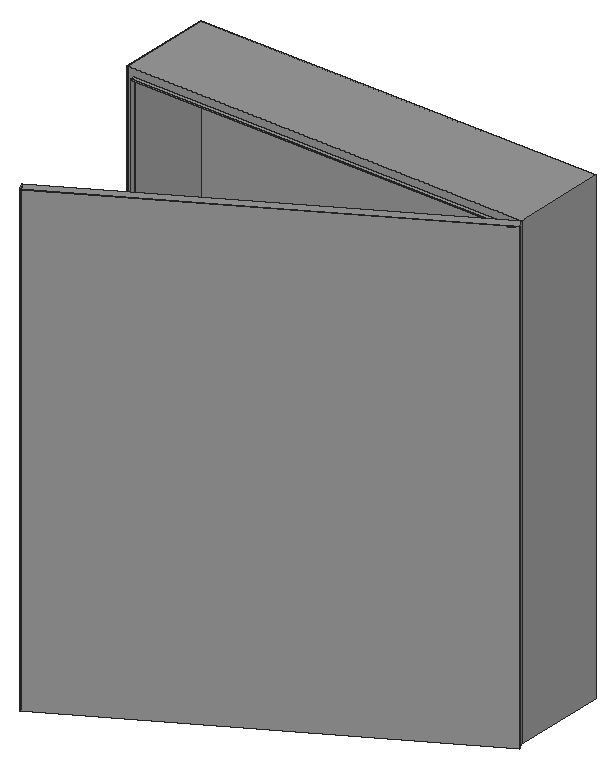
Revit family "Hager-Univers-IP44-D205-H950-Cl.II-Encl-NoHosted-SE-en", category Equipement électrique, Revit 2020
Family settings
  Configuration du panneau = Deux colonnes, circuits au sein
  Cote de connecteur circulaire = Utiliser le diamètre
  Type d'élément = Tableau de raccordement
  Basée sur le plan de construction = Oui
  Toujours verticalement = Oui
  Couper avec des vides une fois chargée = Non
  Partagée = Non
  Point de calcul de pièce = Non
Parameters (values of type "Surface mounted (plaster) IP44 W800 H950 D205  - FP63SN2")
  Width Control [instance] = if([EF000008 - Width] > Min Width, [EF000008 - Width], Min Width)  # 800 mm
  Commentaires du type = [HG000003 - Range]  # "Univers"
  Thickness Door [instance] = if([EF009171 - Material plate thickness door/cover] > 3 mm, 3 mm, [EF009171 - Material plate thickness door/cover])  # 1 mm
  Seal Frame Offset [instance] = 17 mm  # constant formula
  Plinth Visibility [instance] = [HG000027 - Plinth height] > 0 mm  # no
  Min Width [instance] = 100 mm  # constant formula
  Min Depth [instance] = (2 * [EF009170 - Material plate thickness cabinet]) + 1 mm  # 3 mm
  Min Height [instance] = 100 mm  # constant formula
  Internal Frame Depth [instance] = (Door System Depth * 0.5)  # 9 mm
  Panel Name [instance] = ""  # (empty or 0)
  Model = ""
  HG000027 - Plinth height = 0 mm
  HG000026 - Floor standing = no
  HG000024 - Bottom section height = 600 mm
  HG000023 - Double section enclosure = no
  HG000016 - Door 3d visibility [instance] = yes
  HG000015 - Clearance visibility [instance] = no
  HG000014 - Door on the right [instance] = yes
  HG000013 - Door on the left [instance] = not([HG000014 - Door on the right])  # no
  HG000012 - Door swing angle [instance] = 30.00°
  HG000010 - Asymmetric doors = no
  HG000009 - Double swing door = no
  HG000006 - Flush mounted = no
  HG000004 - Manufacturer reference = "FP63SN2"
  HG000003 - Range = "Univers"
  HG000002 - With door or cover = yes
  Frame Offset Bottom [instance] = 10 mm  # constant formula
  Frame Offset [instance] = 15 mm  # constant formula
  EF015940 - Cover with overpressure release = no
  EF011959 - Degree of protection (NEMA) = ""
  EF009554 - Number of openings for flange plates = 6
  EF009212 - Cover model = "EV000116 - Closed"
  EF009171 - Material plate thickness door/cover = 1 mm
  EF009170 - Material plate thickness cabinet = 1 mm
  EF008873 - Nominal current (In) = 250 A
  EF007800 - Suitable for lightning protection = no
  EF006306 - With lock = no
  EF006244 - Transparent cover/door = no
  EF005474 - Degree of protection (IP) = "EV006418 - IP44"
  EF004464 - Type of door = "EV002646 - Single"
  EF004427 - Number of modules = 216
  EF004293 - Impact strength = "EV006815 - IK09"
  EF003532 - Suitable for outdoor use = no
  EF002950 - Width in number of modular spacings = 36
  EF001613 - Circuit integrity = "EV000494 - None"
  EF001596 - Material housing = "EV000179 - Steel"
  EF001131 - Internal depth = 130 mm
  EF001088 - Extension possible = yes
  EF000437 - Number of conduit inlets = 6
  EF000339 - Type of cover = "EV004216 - Door"
  EF000266 - Number of rows = 6
  EF000218 - Built-in depth = 205 mm
  EF000118 - With mounting plate = no
  EF000116 - RAL-number = "9010"
  EF000049 - Depth = 205 mm
  EF000040 - Height = 950 mm
  EF000008 - Width = 800 mm
  EF000007 - Colour = "EV000202 - White"
  EF000003 - Mounting method = "EV000384 - Surface mounted (plaster)"
  Door System Leaf Tolerance [instance] = 1.5 mm  # constant formula
  Door System Depth [instance] = 18 mm  # constant formula
  Door Height [instance] = Height Control - [HG000027 - Plinth height]  # 950 mm
  Description = ""
  Default Elevation = 1219.2 mm
  Connector Offset [instance] = Height Control / 2  # 475 mm
  Fabricant = "Hager"  # constant formula
  Height Control [instance] = if([EF000040 - Height] > Min Height, [EF000040 - Height], Min Height)  # 950 mm
  Depth Control [instance] = if([EF000049 - Depth] > Min Depth, [EF000049 - Depth], Min Depth)  # 205 mm
  Bottom Top Plate Trim [instance] = 1.5 mm  # constant formula
  Plinth height Ctrl [instance] = if([HG000027 - Plinth height] > 0 mm, [HG000027 - Plinth height], 12 mm)  # 12 mm
Types (5, lengths in mm): name | Width Control | HG000010 - Asymmetric doors | HG000009 - Double swing door | HG000004 - Manufacturer reference | EF009554 - Number of openings for flange plates | EF004464 - Type of door | EF004427 - Number of modules | EF002950 - Width in number of modular spacings | EF001131 - Internal depth | EF000437 - Number of conduit inlets | EF000339 - Type of cover | EF000008 - Width
  Surface mounted (plaster) IP44 W1050 H950 D205  - FP64SN2 | 1050 | no | yes | "FP64SN2" | 8 | "EV003602 - Double" | 288 | 48 | 130 | 8 | "EV004216 - Door" | 1050
  Surface mounted (plaster) IP44 W1300 H950 D205  - FP65SN2 | 1300 | yes | yes | "FP65SN2" | 10 | "EV003602 - Double" | 360 | 60 | 130 | 10 | "EV004216 - Door" | 1300
  Surface mounted (plaster) IP44 W300 H950 D205  - FP61SN2 | 300 | no | no | "FP61SN2" | 2 | "EV002646 - Single" | 72 | 12 | 143 | 2 | "EV001012 - Cover" | 300
  Surface mounted (plaster) IP44 W550 H950 D205  - FP62SN2 | 550 | no | no | "FP62SN2" | 4 | "EV002646 - Single" | 144 | 24 | 143 | 4 | "EV001012 - Cover" | 550
  Surface mounted (plaster) IP44 W800 H950 D205  - FP63SN2 | 800 | no | no | "FP63SN2" | 6 | "EV002646 - Single" | 216 | 36 | 130 | 6 | "EV004216 - Door" | 800
Reference planes
  plane 1 "Center (Front/Back)": y = 0
  plane 2: z = 0
  plane 3 "Center (Left/Right)": x = 0
  plane 4: y = 0
  plane 5: y = 0
  plane 6: z = 0
  plane 7: x = -400
  plane 8: x = 400
  plane 9: x = 399
  plane 10: x = -399
  plane 11: z = 0
  plane 12: z = 1
  plane 13: y = -205
  plane 14: y = -1
  plane 15: x = 0
  plane 16: y = -187
  plane 17: y = -204
  plane 18: y = -186
  plane 19: x = -384
  plane 20: x = 384
  plane 21: z = 11
  plane 22: x = -383
  plane 23: x = 383
  plane 24: z = 0
  plane 25: z = 950
  plane 26: z = 950
  plane 27: z = 934
  plane 28: z = 949
Forms (mm)
  Extrusion 1, solid, material "Hager_Steel_RAL7035_Light_Grey", detail levels medium+fine
    sketch origin (-208.679, -4572, 0) x (-1, 0, 0) y (0, -1, 0)
      loop
        line (191.321, -4385) -> (-608.679, -4385) -> (-608.679, -4572) -> (191.321, -4572) -> (191.321, -4385)
    from 0 to 950
  Extrusion 2, void
    sketch origin (-350.771, -205, 1219.2) x (1, 0, 0) y (0, 0, 1)
      loop
        line (-48.229, -270.2) -> (-48.229, -1218.2) -> (749.771, -1218.2) -> (749.771, -270.2) -> (-48.229, -270.2)
    from -19 to -204
  Extrusion 3, void
    sketch origin (-290.084, -187, 1219.2) x (1, 0, 0) y (0, 0, 1)
      loop
        line (-93.916, -1208.2) -> (674.084, -1208.2) -> (674.084, -285.2) -> (-93.916, -285.2) -> (-93.916, -1208.2)
    from 0 to -1
  Extrusion 4, solid, material "Hager_Steel_RAL7035_Light_Grey", visible <- "Plinth Visibility", detail levels medium+fine
    sketch origin (0, 0, 0) x (1, 0, 0) y (0, 1, 0)
      loop
        line (-400, 0) -> (-400, -187) -> (400, -187) -> (400, 0) -> (-400, 0)
    from 0 to 12 <- "Plinth height Ctrl"
  Extrusion 5, solid, material "Hager_Steel_RAL7035_Light_Grey", detail levels coarse
    sketch origin (0, 0, 0) x (1, 0, 0) y (0, 1, 0)
      loop
        line (-400, 0) -> (-400, -205) -> (400, -205) -> (400, 0) -> (-400, 0)
    from 0 to 950 <- "Height Control"
  Sweep 6, void
    path in 3D
      loop
        line (-400, -187, 12) -> (400, -187, 12) -> (400, 0, 12) -> (-400, 0, 12) -> (-400, -187, 12)
    profile origin (-400, -93.5, 12) x (1, 0, 0) y (0, 0, 1)
      loop
        line (0, 0) -> (0, -1.5) -> (1.5, -1.5)
        arc (1.5, -1.5) -> (1.061, -0.439) -> (0, 0) r 1.5
  Extrusion 7, solid, material "Hager_Steel_RAL7035_Light_Grey", detail levels fine
    sketch origin (-400, -187, 0) x (1, 0, 0) y (0, 0, 1)
      loop
        line (16, 11) -> (784, 11) -> (784, 934) -> (16, 934) -> (16, 11)
      loop
        line (15, 10) -> (785, 10) -> (785, 935) -> (15, 935) -> (15, 10)
    from 0 to 9 <- "Internal Frame Depth"
Cuts and joins
  Extrusion 2, Extrusion 3 cuts Extrusion 1
  Sweep 6 cuts Extrusion 4
Lines and regions (mm)
  Masking region 1
    outline origin (0, 0, 0) x (1, 0, 0) y (0, 1, 0)
      loop
        line (-400, 0) -> (-400, -205) -> (400, -205) -> (400, 0) -> (-400, 0)
  Masking region 2, detail levels coarse
    outline origin (-290.084, -187, 1219.2) x (-1, 0, 0) y (0, 0, 1)
      loop
        line (-690.084, -1219.2) -> (109.916, -1219.2) -> (109.916, -269.2) -> (-690.084, -269.2) -> (-690.084, -1219.2)
  Masking region 3, detail levels coarse
    outline origin (0, 0, 0) x (0, 1, 0) y (0, 0, 1)
      loop
        line (0, 0) -> (0, 950) -> (-205, 950) -> (-205, 0) -> (0, 0)
  Masking region 4, visible <- "Plinth Visibility", detail levels medium+fine
    outline origin (0, 0, 0) x (0, 1, 0) y (0, 0, 1)
      loop
        line (-1.5, 12) -> (-185.5, 12)
        arc (-185.5, 12) -> (-185.939, 10.939) -> (-187, 10.5) r 1.5
        line (-187, 10.5) -> (-187, 0) -> (0, 0) -> (0, 10.5)
        arc (0, 10.5) -> (-1.061, 10.939) -> (-1.5, 12) r 1.5
  Masking region 5, detail levels medium+fine
    outline origin (0, 0, 594.038) x (0, 1, 0) y (0, 0, 1)
      loop
        line (0, -594.038) -> (0, 355.962) -> (-187, 355.962) -> (-187, -594.038) -> (0, -594.038)
  Masking region 6, detail levels medium+fine
    outline origin (-359.7, -187, 1211.883) x (-1, 0, 0) y (0, 0, 1)
      loop
        line (-759.7, -1211.883) -> (40.3, -1211.883) -> (40.3, -261.883) -> (-759.7, -261.883) -> (-759.7, -1211.883)
  Masking region 7, visible <- "Plinth Visibility", detail levels medium+fine
    outline origin (-320.334, -187, 1041.368) x (-1, 0, 0) y (0, 0, 1)
      loop
        line (-720.334, -1041.368) -> (79.666, -1041.368) -> (79.666, -1030.868)
        arc (79.666, -1030.868) -> (78.606, -1030.429) -> (78.166, -1029.368) r 1.5
        line (78.166, -1029.368) -> (-718.834, -1029.368)
        arc (-718.834, -1029.368) -> (-719.273, -1030.429) -> (-720.334, -1030.868) r 1.5
        line (-720.334, -1030.868) -> (-720.334, -1041.368)
  sketch lines
    curve 1: line (-400, 0, 12) -> (-400, -187, 12)
    curve 2: line (-400, -187, 12) -> (400, -187, 12)
    curve 3: line (400, 0, 12) -> (-400, 0, 12)
    curve 4: line (400, -187, 12) -> (400, 0, 12)
Dimensions and locks
  locked: plane 1 "Center (Front/Back)" to plane 5
  "EF009170 - Material plate thickness cabinet": plane 7 to plane 10
  "EF009170 - Material plate thickness cabinet": plane 8 to plane 9
  equal spacing: plane 7, plane 3 "Center (Left/Right)", plane 8
  "Width Control": plane 7 to plane 8
  "Depth Control": plane 4 to plane 13
  "EF009170 - Material plate thickness cabinet": plane 4 to plane 14
  "Height Control": plane 25 to level
  "HG000027 - Plinth height": plane 11 to level
  "EF009170 - Material plate thickness cabinet": plane 12 to plane 11
  "EF009170 - Material plate thickness cabinet": plane 17 to plane 13
  "EF009170 - Material plate thickness cabinet": plane 18 to plane 16
  "Frame Offset Bottom": plane 21 to plane 12
  "Frame Offset": plane 10 to plane 19
  "Frame Offset": plane 9 to plane 20
  "Door System Depth": plane 16 to plane 13
  "Seal Frame Offset": plane 7 to plane 22
  "Seal Frame Offset": plane 8 to plane 23
  "EF009170 - Material plate thickness cabinet": plane 26 to plane 28
  "Frame Offset": plane 28 to plane 27
  "Connector Offset": plane 2 to connector elem
  "Bottom Top Plate Trim": profile plane to Sweep 6 sketch curve
  "Bottom Top Plate Trim": Sweep 6 sketch curve to Sweep 6 sketch curve
  "Plinth height Ctrl": Masking region 4 sketch curve to level
  "Plinth height Ctrl": Masking region 7 sketch curve to level
  "Thickness Door": Extrusion 7 sketch curve to Extrusion 7 sketch curve  (x4)
  "Bottom Top Plate Trim": radius of Sweep 6 sketch curve
  "Bottom Top Plate Trim": radius of Masking region 4 sketch curve  (x2)
  "Bottom Top Plate Trim": radius of Masking region 7 sketch curve  (x2)
  aligned and locked: Extrusion 2 sketch curve to plane 12
  aligned and locked: Extrusion 2 sketch curve to plane 9
  aligned and locked: Extrusion 2 sketch curve to plane 10
  aligned and locked: Extrusion 2 to plane 14
  aligned and locked: Extrusion 1 sketch curve to plane 4
  aligned and locked: plane 8 to Extrusion 1 sketch curve
  aligned and locked: plane 7 to Extrusion 1 sketch curve
  aligned and locked: Extrusion 2 to plane 18
  aligned and locked: Extrusion 3 sketch curve to plane 19
  aligned and locked: plane 20 to Extrusion 3 sketch curve
  aligned and locked: Extrusion 3 to Extrusion 2
  aligned and locked: Extrusion 3 sketch curve to plane 21
  aligned and locked: plane 3 "Center (Left/Right)" to nested 1
  aligned and locked: Extrusion 1 sketch curve to plane 16
  aligned and locked: Extrusion 4 sketch curve to cut or joined group of Extrusion 1, Extrusion 2, Extrusion 3
  aligned and locked: Masking region 1 sketch curve to plane 7
  aligned and locked: Masking region 1 sketch curve to plane 5
  aligned and locked: Masking region 1 sketch curve to plane 8
  aligned and locked: Masking region 2 sketch curve to level
  aligned and locked: level to Masking region 3 sketch curve
  aligned and locked: plane 1 "Center (Front/Back)" to Masking region 3 sketch curve
  aligned and locked: plane 13 to Masking region 3 sketch curve
  aligned and locked: plane 5 to Masking region 4 sketch curve
  aligned and locked: Masking region 2 sketch curve to plane 8
  aligned and locked: Masking region 2 sketch curve to plane 7
  aligned and locked: plane 7 to nested 2
  aligned and locked: nested 2 to plane 5
  aligned and locked: plane 5 to Masking region 5 sketch curve
  aligned and locked: plane 26 to Masking region 5 sketch curve
  aligned and locked: Extrusion 5 sketch curve to plane 8
  aligned and locked: Extrusion 5 sketch curve to plane 7
  aligned and locked: Extrusion 5 sketch curve to plane 5
  aligned and locked: Extrusion 3 sketch curve to plane 27
  aligned and locked: Extrusion 2 sketch curve to plane 28
  aligned and locked: Masking region 2 to plane 25
  aligned and locked: Extrusion 4 to plane 16
  aligned and locked: profile plane to Sweep 6 sketch curve
  aligned and locked: Masking region 5 sketch curve to plane 24
  aligned and locked: level to Masking region 4 sketch curve
  aligned and locked: Masking region 1 to plane 13
  aligned and locked: nested 1 to plane 16
  aligned and locked: Masking region 3 to plane 25
  aligned and locked: plane 16 to Masking region 4 sketch curve
  aligned and locked: Masking region 5 sketch curve to plane 16
  aligned and locked: plane 24 to plane 11
  aligned and locked: plane 26 to plane 25
  aligned and locked: plane 26 to cut or joined group of Extrusion 1, Extrusion 2, Extrusion 3
  aligned and locked: nested 1 to plane 24
  aligned and locked: Extrusion 1 to Extrusion 3
  aligned and locked: Masking region 6 sketch curve to plane 8
  aligned and locked: Masking region 6 sketch curve to plane 24
  aligned and locked: Masking region 6 sketch curve to plane 7
  aligned and locked: Masking region 6 sketch curve to plane 26
  aligned and locked: Masking region 7 sketch curve to plane 7
  aligned and locked: level to Masking region 7 sketch curve
  aligned and locked: Masking region 7 sketch curve to plane 8
  aligned and locked: Extrusion 7 sketch curve to cut or joined group of Extrusion 1, Extrusion 2, Extrusion 3  (x4)
Automatic sketch dimensions
  plane 19 to Extrusion 3 sketch curve = 0 mm
  Extrusion 3 sketch curve to plane 20 = 0 mm
  Extrusion 3 sketch curve to plane 21 = 0 mm
  Extrusion 4 sketch curve to plane 7 = 0 mm
  Extrusion 4 sketch curve to plane 8 = 0 mm
  Extrusion 4 sketch curve to plane 16 = 0 mm
  Masking region 1 sketch curve to plane 13 = 0 mm
  Masking region 2 sketch curve to plane 25 = 0 mm
  Masking region 3 sketch curve to plane 25 = 0 mm
  Extrusion 5 sketch curve to plane 13 = 0 mm
  profile plane to Sweep 6 sketch curve = 0 mm
Nested families
  nested 1: "EC000058_Univers_Door" at (0, -187, 0), Double <- "HG000009 - Double swing door", Transparent <- "EF006244 - Transparent cover/door", Angle <- "HG000012 - Door swing angle", Door_Right <- "HG000014 - Door on the right", Assymetrical <- "HG000010 - Asymmetric doors", Door <- "HG000002 - With door or cover", Width_Ctrl <- "Width Control", 3d_Door <- "HG000016 - Door 3d visibility", Clearance <- "HG000015 - Clearance visibility", Door_Left <- "HG000013 - Door on the left", Width <- "Width Control", Door_Depth <- "Door System Depth", Leaf_Tolerance <- "Door System Leaf Tolerance", Height <- "Door Height", Lock_Visibility <- "EF006306 - With lock", Thickness <- "Thickness Door", type "EC000058_Univers_Door", detail levels medium+fine
    with min_wh 3 mm, Width_Ctrl 800 mm, Width 800 mm, Transparent no, Thickness 1 mm, Seal_Material Hager_Rubber, Lock_Visibility no, Lock_Material Hager_Plastic_RAL9005_Jet_Black, Leaf_Width 800 mm, Leaf_Tolerance_External_Sides 0 mm, Leaf_Tolerance 1.5 mm, Leaf_Offset 0 mm, Leaf_Height 947 mm, Leaf_2_Width 800 mm, Leaf_2_Offset 400 mm, Leaf_1_Width 800 mm, Leaf_1_Offset 400 mm, Height_Ctrl 950 mm, Height 950 mm, Glass_Material Hager_Glass, Double_Clearance_Ctrl no, Double no, Door_Right_Ctrl yes, Door_Right yes, Door_Material Hager_Steel_RAL7035_Light_Grey, Door_Left_Ctrl no, Door_Left no, Door_Depth 18 mm, Door yes, Clearance_Material Hager_Clearance, Clearance_Depth 800 mm, Clearance_Ctrl no, Clearance no, Assymetrical no, Angle 30.00°, 3d_Door yes
  nested 2: "Hager_Enclosure_Symbol" at (-400, 0, 0), Height <- "Depth Control", Width <- "Width Control", type "Hager_Enclosure_Symbol"
    with Width_Ctrl 800 mm, Width 800 mm, Height_Ctrl 205 mm, Height 205 mm, A_Width_Int 13.453 mm, A_Width 161.438 mm, A_Height_Ctrl 179.375 mm, A_Height 179.375 mm
Connectors
  electrical at (0, 0, 475)
    settings: on plane 1 "Center (Front/Back)", index 1, voltage 0 V, apparent load 0 VA, apparent load phase1 0 VA, apparent load phase2 0 VA, apparent load phase3 0 VA, power factor 1, load classification "Other", number of poles 1, system type 30, power factor state 1, is connector primary yes, connector utility no, sub classification motor no, connector description ""
Definition of nested family "EC000058_Univers_Door"
  Parameters (values of type "EC000058_Univers_Door")
    min_wh [instance] = (2 * Thickness) + 1 mm  # 11 mm
    Width_Ctrl [instance] = 400 mm
    Width [instance] = 500 mm
    Transparent [instance] = yes
    Thickness [instance] = 5 mm
    Seal_Material [instance] = none
    Lock_Visibility [instance] = yes
    Lock_Material [instance] = none
    Leaf_Width [instance] = if((Width_Ctrl - 2 * Leaf_Tolerance_External_Sides) > 0 mm, (Width_Ctrl - 2 * Leaf_Tolerance_External_Sides), min_wh)  # 400 mm
    Leaf_Tolerance_External_Sides [instance] = 0 mm  # constant formula
    Leaf_Tolerance [instance] = 1.5 mm
    Leaf_Offset [instance] = 0 mm  # constant formula
    Leaf_Height [instance] = if((Height_Ctrl - 2 * Leaf_Tolerance) > 0 mm, (Height_Ctrl - 2 * Leaf_Tolerance), min_wh)  # 497 mm
    Leaf_2_Width [instance] = if(and(and(Double, Assymetrical), Door_Left), (Leaf_Width / 3) - (Leaf_Tolerance / 2), if(and(and(Double, Assymetrical), Door_Right), (Leaf_Width / 3) * 2 - (Leaf_Tolerance / 2), if(and(Double, not(Assymetrical)), (Leaf_Width / 2) - Leaf_Tolerance, Leaf_Width)))  # 400 mm
    Leaf_2_Offset [instance] = if(and(Double, Assymetrical), Leaf_2_Width / 2, if(and(Double, not(Assymetrical)), Leaf_Width / 4, Leaf_Width / 2))  # 200 mm
    Leaf_1_Width [instance] = if(and(and(Double, Assymetrical), Door_Right), (Leaf_Width / 3) - (Leaf_Tolerance / 2), if(and(and(Double, Assymetrical), Door_Left), (Width / 3) * 2 - (Leaf_Tolerance / 2), if(and(Double, not(Assymetrical)), (Leaf_Width / 2) - Leaf_Tolerance, Leaf_Width)))  # 400 mm
    Leaf_1_Offset [instance] = if(and(Double, Assymetrical), Leaf_1_Width / 2, if(and(Double, not(Assymetrical)), Leaf_Width / 4, Leaf_Width / 2))  # 200 mm
    Height_Ctrl [instance] = if(Height > min_wh, Height, min_wh)  # 500 mm
    Height [instance] = 500 mm
    Glass_Material [instance] = none
    Double_Clearance_Ctrl [instance] = and(Double, Clearance)  # no
    Double [instance] = no
    Door_Right_Ctrl [instance] = and(or(Door_Right, Double), Door)  # yes
    Door_Right [instance] = yes
    Door_Material [instance] = none
    Door_Left_Ctrl [instance] = and(or(Door_Left, Double), Door)  # no
    Door_Left [instance] = no
    Door_Depth [instance] = 30 mm
    Door [instance] = yes
    Default Elevation = 1219.2 mm
    Clearance_Material [instance] = none
    Clearance_Depth [instance] = if(Leaf_1_Width > Leaf_2_Width, Leaf_1_Width, Leaf_2_Width)  # 400 mm
    Clearance_Ctrl [instance] = and(not(Double), Clearance)  # yes
    Clearance [instance] = yes
    Assymetrical [instance] = yes
    Angle [instance] = 30.00°
    3d_Door [instance] = yes
  Reference planes
    plane 1 "Center (Front/Back)": y = 0
    plane 2 "Bottom": z = 0
    plane 3 "Center (Left/Right)": x = 0
    plane 4: z = 500
    plane 5: x = -200
    plane 6: x = 200
    plane 7: z = 500
    plane 8: x = -200
    plane 9: z = 0
    plane 10: x = 200
    plane 11: y = 0
    plane 12: z = 1.5
    plane 13: x = -600
    plane 14: y = -400
    plane 15: x = 600
    plane 16: x = 0
    plane 17: x = 0
    plane 18: x = -200
    plane 19: x = 200
    plane 20: z = 498.5
  Forms (mm)
    Extrusion 1, solid, material <- "Clearance_Material", visible <- "Double_Clearance_Ctrl"
      sketch origin (1200, 0, 0) x (1, 0, 0) y (0, 0, -1)
        loop
          line (-1800, -498.5) -> (-600, -498.5) -> (-600, 0) -> (-1800, 0) -> (-1800, -498.5)
      from 0 to -400
  Dimensions and locks
    equal spacing: plane 5, plane 3 "Center (Left/Right)", plane 6
    "Width_Ctrl": plane 5 to plane 6
    "Leaf_Offset": plane 5 to plane 8
    "Leaf_Offset": plane 6 to plane 10
    "Leaf_Offset": plane 9 to level
    "Leaf_Offset": plane 4 to plane 7
    "Height_Ctrl": plane 4 to level
    "Leaf_Tolerance": plane 12 to plane 9
    locked: plane 11 to plane 1 "Center (Front/Back)"
    "Leaf_1_Offset": plane 18 to plane 16
    "Leaf_2_Offset": plane 17 to plane 19
    "Leaf_1_Width": plane 13 to plane 8
    "Leaf_2_Width": plane 10 to plane 15
    "Clearance_Depth": plane 14 to plane 1 "Center (Front/Back)"
    "Leaf_Tolerance_External_Sides": plane 8 to plane 18
    "Leaf_Tolerance_External_Sides": plane 19 to plane 10
    "Leaf_Tolerance": plane 7 to plane 20
    aligned and locked: level to plane 2 "Bottom"
    aligned and locked: nested 1 to plane 16
    aligned and locked: nested 2 to plane 17
    aligned and locked: Extrusion 1 to plane 13
    aligned and locked: plane 15 to Extrusion 1
    aligned and locked: Extrusion 1 to plane 14
    aligned and locked: plane 12 to nested 1
    aligned and locked: nested 2 to plane 12
    aligned and locked: Extrusion 1 to plane 11
    aligned and locked: plane 20 to Extrusion 1
    aligned and locked: nested 2 to plane 11
    aligned and locked: nested 1 to plane 11
  Automatic sketch dimensions
    Extrusion 1 sketch curve to level = 0 mm
    plane 5 to Extrusion 1 sketch curve = 400 mm
    plane 6 to Extrusion 1 sketch curve = 400 mm
    Extrusion 1 sketch curve to plane 4 = 1.5 mm
  Nested families
    nested 1: "EC000058_Univers_Door_Leaf" at (0, 0, 1.5), Width <- "Leaf_1_Width", visible <- "Door_Left_Ctrl", Leaf_Height <- "Leaf_Height", Angle <- "Angle", 3d_Door <- "3d_Door", Transparent <- "Transparent", Clearance Material <- "Clearance_Material", Clearance <- "Clearance_Ctrl", Door_Material <- "Door_Material", Glass_Material <- "Glass_Material", Door_Depth <- "Door_Depth", Lock_Material <- "Lock_Material", Seal_Material <- "Seal_Material", Lock_Visibility <- "Lock_Visibility", Thickness <- "Thickness", type "EC000058_Univers_Door_Leaf"
      with Width 400 mm, Transparent_Glass_Offset 30 mm, Transparent_Ctrl yes, Transparent yes, Thickness 5 mm, Standard no, Seal_Material none, Seal_D2 8 mm, Seal_D1 1 mm, Offset_Internal_Frame 10 mm, Lock_Width 20 mm, Lock_Visibility_3d yes, Lock_Visibility yes, Lock_Thickness_3 3 mm, Lock_Thickness_2 1 mm, Lock_Thickness_1 3 mm, Lock_Radius_Offset_2 16 mm, Lock_Radius_Offset_1 15 mm, Lock_Radius_2 5 mm, Lock_Radius 6 mm, Lock_Offset 5 mm, Lock_Material none, Lock_Height 80 mm, Lock_Cover_Top_Offset_2d 17 mm, Lock_Cover_Height -65 mm, Leaf_Height 497 mm, Internal_Seal_Thickness 8 mm, Internal_Seal_Depth_2 4.5 mm, Internal_Frame_Depth 25 mm, Glass_Thickness -1 mm, Glass_Offset -2 mm, Glass_Material none, Door_Material none, Door_Depth 30 mm, Clearance Material none, Clearance yes, Angle_Ctrl 30.00°, Angle 30.00°, 3d_Door yes
    nested 2: "EC000058_Univers_Door_Leaf" at (0, 0, 1.5) x (-1, 0, 0) z (0, 0, 1), Width <- "Leaf_2_Width", visible <- "Door_Right_Ctrl", Leaf_Height <- "Leaf_Height", Angle <- "Angle", 3d_Door <- "3d_Door", Transparent <- "Transparent", Clearance Material <- "Clearance_Material", Clearance <- "Clearance_Ctrl", Door_Material <- "Door_Material", Glass_Material <- "Glass_Material", Door_Depth <- "Door_Depth", Lock_Material <- "Lock_Material", Seal_Material <- "Seal_Material", Lock_Visibility <- "Lock_Visibility", Thickness <- "Thickness", type "EC000058_Univers_Door_Leaf"
      with Width 400 mm, Transparent_Glass_Offset 30 mm, Transparent_Ctrl yes, Transparent yes, Thickness 5 mm, Standard no, Seal_Material none, Seal_D2 8 mm, Seal_D1 1 mm, Offset_Internal_Frame 10 mm, Lock_Width 20 mm, Lock_Visibility_3d yes, Lock_Visibility yes, Lock_Thickness_3 3 mm, Lock_Thickness_2 1 mm, Lock_Thickness_1 3 mm, Lock_Radius_Offset_2 16 mm, Lock_Radius_Offset_1 15 mm, Lock_Radius_2 5 mm, Lock_Radius 6 mm, Lock_Offset 5 mm, Lock_Material none, Lock_Height 80 mm, Lock_Cover_Top_Offset_2d 17 mm, Lock_Cover_Height -65 mm, Leaf_Height 497 mm, Internal_Seal_Thickness 8 mm, Internal_Seal_Depth_2 4.5 mm, Internal_Frame_Depth 25 mm, Glass_Thickness -1 mm, Glass_Offset -2 mm, Glass_Material none, Door_Material none, Door_Depth 30 mm, Clearance Material none, Clearance yes, Angle_Ctrl 30.00°, Angle 30.00°, 3d_Door yes
  Definition of nested family "EC000058_Univers_Door_Leaf"
    Parameters (values of type "EC000058_Univers_Door_Leaf")
      Width [instance] = 2000 mm
      Transparent_Glass_Offset [instance] = 30 mm
      Transparent_Ctrl [instance] = and(Transparent, [3d_Door])  # yes
      Transparent [instance] = yes
      Thickness [instance] = 5 mm
      Standard [instance] = and(not(Transparent), [3d_Door])  # no
      Seal_Material [instance] = none
      Seal_D2 [instance] = 8 mm  # constant formula
      Seal_D1 [instance] = 1 mm  # constant formula
      Offset_Internal_Frame [instance] = 10 mm  # constant formula
      Lock_Width [instance] = 20 mm  # constant formula
      Lock_Visibility_3d [instance] = and(Lock_Visibility, [3d_Door])  # yes
      Lock_Visibility [instance] = yes
      Lock_Thickness_3 [instance] = 3 mm  # constant formula
      Lock_Thickness_2 [instance] = 1 mm  # constant formula
      Lock_Thickness_1 [instance] = 3 mm  # constant formula
      Lock_Radius_Offset_2 [instance] = Lock_Radius_Offset_1 + 1 mm  # 16 mm
      Lock_Radius_Offset_1 [instance] = 15 mm  # constant formula
      Lock_Radius_2 [instance] = Lock_Radius - 1 mm  # 5 mm
      Lock_Radius [instance] = 6 mm  # constant formula
      Lock_Offset [instance] = 5 mm  # constant formula
      Lock_Material [instance] = none
      Lock_Height [instance] = 80 mm  # constant formula
      Lock_Cover_Top_Offset_2d [instance] = Lock_Radius_Offset_2 + 1 mm  # 17 mm
      Lock_Cover_Height [instance] = -(Lock_Height - Lock_Radius_Offset_1)  # -65 mm
      Leaf_Height [instance] = 2720.336 mm
      Internal_Seal_Thickness [instance] = 8 mm  # constant formula
      Internal_Seal_Depth_2 [instance] = 4.5 mm  # constant formula
      Internal_Frame_Depth [instance] = if(Door_Depth - Thickness > 5 mm, Door_Depth - Thickness, 5 mm)  # 25 mm
      Glass_Thickness [instance] = if(Thickness > 15 mm, Glass_Offset + 10 mm, -1 mm)  # -1 mm
      Glass_Offset [instance] = if(Thickness > 15 mm, -(Thickness + 10 mm) / 2, -2 mm)  # -2 mm
      Glass_Material [instance] = none
      Door_Material [instance] = none
      Door_Depth [instance] = 30 mm
      Default Elevation = 0 mm
      Clearance Material [instance] = none
      Clearance [instance] = yes
      Angle_Ctrl [instance] = if(Angle > 180.00°, 180.00°, Angle)  # 90.00°
      Angle [instance] = 90.00°
      3d_Door [instance] = yes
    Reference planes
      plane 1 "Center (Front/Back)": y = 0
      plane 2: z = 0
      plane 3 "Center (Left/Right)": x = 0
      plane 4: y = 2000
      plane 5: x = -1000
      plane 6: x = 1000
      plane 7: x = -3000
      plane 8: z = 2720.336
      plane 9: z = 30
      plane 10: z = 2690.336
      plane 11: x = 970
      plane 12: x = -970
      plane 13: y = -3
      plane 14: z = 107.833
      plane 15: y = -5
      plane 16: y = -223.314
      plane 17: x = -1000
      plane 18: z = 1360.168
      plane 19: y = 30
    Forms (mm)
      Extrusion 1, solid, material <- "Clearance Material", visible <- "Clearance"
        sketch origin (0, 0, 0) x (1, 0, 0) y (0, 0, 1)
          loop
            line (-3000, 2720.336) -> (-3000, 0) -> (1000, 0) -> (1000, 2720.336) -> (-3000, 2720.336)
        from 0 to -2000
      Extrusion 2, solid, material <- "Door_Material", visible <- "Standard", detail levels medium+fine
        sketch origin (-1000, 0, 0) x (0, 1, 0) y (-1, 0, 0)
          loop
            line (0, 30) -> (0, 25) -> (2000, 25) -> (2000, 30) -> (0, 30)
        from 0 to 2720.336 <- "Leaf_Height"
      Extrusion 3, solid, material <- "Door_Material", visible <- "Transparent_Ctrl", detail levels medium+fine
        sketch origin (-1000, 0, 0) x (0, 1, 0) y (-1, 0, 0)
          loop
            line (0, 25) -> (2000, 25) -> (2000, 30) -> (0, 30) -> (0, 25)
        from 0 to 2720.336 <- "Leaf_Height"
      Extrusion 4, void
        sketch origin (-1025, 2000, 0) x (0, 1, 0) y (0, 0, -1)
          loop
            line (-30, -2690.336) -> (-30, -30) -> (-1970, -30) -> (-1970, -2690.336) -> (-30, -2690.336)
        from 0 to 5 <- "Thickness"
      Sweep 5, solid, material <- "Seal_Material", visible <- "Transparent_Ctrl", detail levels fine
        path in 3D
          loop
            line (-1025, 30, 30) -> (-1025, 30, 2690.336) -> (-1025, 1970, 2690.336) -> (-1025, 1970, 30) -> (-1025, 30, 30)
        profile origin (-1025, 1000, 30) x (1, 0, 0) y (0, 0, 1)
          loop
            line (0, 0) -> (0, -8) -> (1, -8) -> (1, 0) -> (0, 0)
      Extrusion 6, solid, material <- "Glass_Material", visible <- "Transparent_Ctrl", detail levels medium+fine
        sketch origin (-1030, 0, 0) x (0, 1, 0) y (0, 0, -1)
          loop
            line (1970, -2690.336) -> (1970, -30) -> (30, -30) -> (30, -2690.336) -> (1970, -2690.336)
        from -2 <- "Glass_Offset" to -1 <- "Glass_Thickness"
      Extrusion 7, solid, material <- "Door_Material", visible <- "3d_Door", detail levels medium+fine
        sketch origin (-1025, 2000, 0) x (0, -1, 0) y (0, 0, -1)
          loop
            line (0, -2720.336) -> (2000, -2720.336) -> (2000, 0) -> (0, 0) -> (0, -2720.336)
          loop
            line (1995, -5) -> (5, -5) -> (5, -2715.336) -> (1995, -2715.336) -> (1995, -5)
        from 0 to 25 <- "Internal_Frame_Depth"
      Sweep 8, solid, material <- "Seal_Material", visible <- "Transparent_Ctrl", detail levels fine
        path in 3D
          loop
            line (-1025, 0, 0) -> (-1025, 2000, 0) -> (-1025, 2000, 2720.336) -> (-1025, 0, 2720.336) -> (-1025, 0, 0)
        profile origin (-1025, 0, 1360.168) x (1, 0, 0) y (0, 1, 0)
          loop
            line (0, 10) -> (2.975, 10)
            arc (2.975, 10) -> (4.053, 10.447) -> (4.5, 11.525) r 1.525
            line (4.5, 11.525) -> (4.5, 16.527)
            arc (4.5, 16.527) -> (4.069, 17.569) -> (3.027, 18) r 1.473
            line (3.027, 18) -> (0, 18) -> (0, 10)
      Extrusion 9, solid, material <- "Lock_Material", visible <- "Lock_Visibility_3d", detail levels fine
        sketch origin (-1030, 0, 0) x (0, 1, 0) y (0, 0, -1)
          loop
            arc (1993.5, -1400.168) -> (1994.561, -1399.729) -> (1995, -1398.668) r 1.5
            line (1995, -1398.668) -> (1995, -1320.168) -> (1975, -1320.168) -> (1975, -1398.668)
            arc (1975, -1398.668) -> (1975.439, -1399.729) -> (1976.5, -1400.168) r 1.5
            line (1976.5, -1400.168) -> (1993.5, -1400.168)
        from 3 <- "Lock_Thickness_1" to 0
      Blend 10, solid, material <- "Lock_Material", visible <- "Lock_Visibility_3d", detail levels fine
        base sketch origin (-1033, 0, 0) x (0, 1, 0) y (0, 0, -1)
          loop
            line (1975, -1320.168) -> (1975, -1398.668)
            arc (1975, -1398.668) -> (1975.439, -1399.729) -> (1976.5, -1400.168) r 1.5
            line (1976.5, -1400.168) -> (1993.5, -1400.168)
            arc (1993.5, -1400.168) -> (1994.561, -1399.729) -> (1995, -1398.668) r 1.5
            line (1995, -1398.668) -> (1995, -1320.168) -> (1975, -1320.168)
        top sketch origin (-1033, 0, 0) x (0, 1, 0) y (0, 0, -1)
          loop
            line (1976, -1320.168) -> (1976, -1398.668)
            arc (1976, -1398.668) -> (1976.146, -1399.022) -> (1976.5, -1399.168) r 0.5
            line (1976.5, -1399.168) -> (1993.5, -1399.168)
            arc (1993.5, -1399.168) -> (1993.854, -1399.022) -> (1994, -1398.668) r 0.5
            line (1994, -1398.668) -> (1994, -1320.168) -> (1976, -1320.168)
        from 0 to 1 <- "Lock_Thickness_2"
      Blend 11, solid, material <- "Lock_Material", visible <- "Lock_Visibility_3d", detail levels fine
        base sketch origin (-1034, 0, 0) x (0, 1, 0) y (0, 0, -1)
          loop
            line (1978, -1320.168) -> (1978, -1384.168)
            arc (1978, -1384.168) -> (1985, -1391.168) -> (1992, -1384.168) r 7
            line (1992, -1384.168) -> (1992, -1320.168) -> (1978, -1320.168)
        top sketch origin (-1034, 0, 0) x (0, 1, 0) y (0, 0, -1)
          loop
            line (1991, -1320.168) -> (1979, -1320.168) -> (1979, -1383.168)
            arc (1979, -1383.168) -> (1985, -1389.168) -> (1991, -1383.168) r 6
            line (1991, -1383.168) -> (1991, -1320.168)
        from 0 to 3 <- "Lock_Thickness_3"
      Extrusion 12, solid, material <- "Lock_Material", visible <- "Lock_Visibility_3d", detail levels fine
        sketch origin (-1030, 1975, 1320.168) x (1, 0, 0) y (0, -1, 0)
          loop
            line (-7, -19) -> (-7, -1) -> (0, -1) -> (0, 0) -> (-8, 0) -> (-8, -20) -> (0, -20) -> (0, -19) -> (-7, -19)
        from 0 to -65 <- "Lock_Cover_Height"
      Extrusion 13, void
        sketch origin (-1038, 1995, 1320.168) x (-1, 0, 0) y (0, 0, -1)
          loop
            line (-5, -65) -> (0, -65) -> (-5, -60) -> (-5, -65)
        from 0 to 20 <- "Lock_Width"
      Extrusion 14, void
        sketch origin (-1038, 1975, 1320.168) x (0, -1, 0) y (0, 0, -1)
          loop
            circle (-10, -15.995) r 6
          loop
            circle (-10, -15.995) r 5
        from 0 to 2
      Extrusion 15, solid, material <- "Lock_Material", visible <- "Lock_Visibility_3d", detail levels medium
        sketch origin (-1030, 0, 0) x (0, 1, 0) y (0, 0, -1)
          loop
            arc (1993.5, -1400.168) -> (1994.561, -1399.729) -> (1995, -1398.668) r 1.5
            line (1995, -1398.668) -> (1995, -1320.168) -> (1975, -1320.168) -> (1975, -1398.668)
            arc (1975, -1398.668) -> (1975.439, -1399.729) -> (1976.5, -1400.168) r 1.5
            line (1976.5, -1400.168) -> (1993.5, -1400.168)
        from 8 to 0
    Cuts and joins
      Extrusion 4 cuts Extrusion 3
      Extrusion 13, Extrusion 14 cuts Extrusion 9
      Extrusion 14 cuts Blend 11
      Extrusion 13, Extrusion 14 cuts Extrusion 12
      joined: Extrusion 9, Blend 10, Blend 11, Extrusion 12
      Extrusion 14 cuts Extrusion 15
    Lines and regions (mm)
      Masking region 1, visible <- "Lock_Visibility", detail levels fine
        outline origin (0, 0, 0) x (0, 1, 0) y (0, 0, 1)
          loop
            line (30, 1320.168) -> (33, 1320.168) -> (33, 1400.168) -> (30, 1400.168) -> (30, 1320.168)
      Masking region 2, visible <- "Lock_Visibility", detail levels fine
        outline origin (0, 3.143, 0) x (0, 1, 0) y (0, 0, 1)
          loop
            line (29.857, 1354.168) -> (30.857, 1354.168) -> (30.857, 1366.168) -> (29.857, 1366.168) -> (29.857, 1354.168)
      Masking region 3, detail levels medium+fine
        outline origin (0, 0, 0) x (0, 1, 0) y (0, 0, 1)
          loop
            line (0, 0) -> (30, 0) -> (30, 2720.336) -> (0, 2720.336) -> (0, 0)
      Masking region 4, detail levels medium+fine
        outline origin (0, 0, 0) x (1, 0, 0) y (0, 0, 1)
          loop
            line (-1000, 2720.336) -> (-1000, 0) -> (1000, 0) -> (1000, 2720.336) -> (-1000, 2720.336)
      Masking region 5, visible <- "Lock_Visibility", detail levels fine
        outline origin (-47.116, 0, 0) x (1, 0, 0) y (0, 0, 1)
          loop
            arc (1024.616, 1399.168) -> (1023.556, 1398.729) -> (1023.116, 1397.668) r 1.5
            line (1023.116, 1397.668) -> (1023.116, 1320.168) -> (1041.116, 1320.168) -> (1041.116, 1397.668)
            arc (1041.116, 1397.668) -> (1040.677, 1398.729) -> (1039.616, 1399.168) r 1.5
            line (1039.616, 1399.168) -> (1024.616, 1399.168)
      Masking region 6, visible <- "Lock_Visibility", detail levels medium+fine
        outline origin (-25, 0, 0) x (1, 0, 0) y (0, 0, 1)
          loop
            arc (1001.5, 1400.168) -> (1000.439, 1399.729) -> (1000, 1398.668) r 1.5
            line (1000, 1398.668) -> (1000, 1320.168) -> (1020, 1320.168) -> (1020, 1398.668)
            arc (1020, 1398.668) -> (1019.561, 1399.729) -> (1018.5, 1400.168) r 1.5
            line (1018.5, 1400.168) -> (1001.5, 1400.168)
      Masking region 7, visible <- "Lock_Visibility", detail levels fine
        outline origin (-73.735, 0, 0) x (1, 0, 0) y (0, 0, 1)
          loop
            line (1051.735, 1382.168) -> (1065.735, 1382.168) -> (1065.735, 1384.168)
            arc (1065.735, 1384.168) -> (1058.735, 1391.168) -> (1051.735, 1384.168) r 7
            line (1051.735, 1384.168) -> (1051.735, 1382.168)
      Masking region 8, visible <- "Lock_Visibility", detail levels fine
        outline origin (-73.735, 0, 0) x (1, 0, 0) y (0, 0, 1)
          loop
            line (1052.735, 1382.168) -> (1064.735, 1382.168) -> (1064.735, 1383.168)
            arc (1064.735, 1383.168) -> (1058.735, 1389.168) -> (1052.735, 1383.168) r 6
            line (1052.735, 1383.168) -> (1052.735, 1382.168)
      Masking region 9, visible <- "Lock_Visibility", detail levels fine
        outline origin (-25, 0, 0) x (1, 0, 0) y (0, 0, 1)
          loop
            line (1020, 1320.168) -> (1020, 1382.168) -> (1000, 1382.168) -> (1000, 1320.168) -> (1020, 1320.168)
      Masking region 10, detail levels medium+fine
        outline origin (0, 0, 0) x (1, 0, 0) y (0, 0, 1)
          loop
            circle (985, 1335.144) r 6
      Masking region 11, detail levels fine
        outline origin (0, 0, 0) x (1, 0, 0) y (0, 0, 1)
          loop
            circle (985, 1335.144) r 5
      Masking region 12, visible <- "Lock_Visibility", detail levels fine
        outline origin (0, 12.767, 0) x (0, 1, 0) y (0, 0, 1)
          loop
            line (20.233, 1320.168) -> (21.233, 1320.168) -> (21.233, 1399.168) -> (20.233, 1400.168) -> (20.233, 1320.168)
      Masking region 13, visible <- "Lock_Visibility", detail levels fine
        outline origin (0, 13.767, -10) x (0, 1, 0) y (0, 0, 1)
          loop
            line (20.233, 1330.168) -> (23.233, 1330.168) -> (23.233, 1399.168) -> (20.233, 1402.168) -> (20.233, 1330.168)
      Masking region 14, visible <- "Lock_Visibility", detail levels fine
        outline origin (0, 12.767, -10) x (0, 1, 0) y (0, 0, 1)
          loop
            line (20.233, 1330.168) -> (25.233, 1330.168) -> (25.233, 1399.305) -> (20.233, 1394.305) -> (20.233, 1330.168)
      Masking region 15, visible <- "Lock_Visibility", detail levels medium
        outline origin (0, 0, 0) x (0, 1, 0) y (0, 0, 1)
          loop
            line (30, 1320.168) -> (38, 1320.168) -> (38, 1400.168) -> (30, 1400.168) -> (30, 1320.168)
      Masking region 16, visible <- "Lock_Visibility", detail levels fine
        outline origin (-1000, 0, 0) x (0, 1, 0) y (-1, 0, 0)
          loop
            line (1975, 30) -> (1995, 30) -> (1995, 38) -> (1975, 38) -> (1975, 30)
          loop
            line (1979, 37) -> (1976, 37) -> (1976, 34) -> (1978, 34) -> (1979, 37)
          loop
            line (1994, 37) -> (1991, 37) -> (1992, 34) -> (1994, 34) -> (1994, 37)
      Masking region 17, visible <- "Lock_Visibility", detail levels medium
        outline origin (-1000, 0, 0) x (0, 1, 0) y (-1, 0, 0)
          loop
            line (1975, 30) -> (1995, 30) -> (1995, 38) -> (1975, 38) -> (1975, 30)
      symbolic lines
        curve 1: line (1000, 0, 0) -> (-3000, 0, 0)
        curve 2: arc (1000, 0, 0) -> (-1000, 2000, 0) -> (-3000, 0, 0) r 2000
        curve 4: line (-1030, 0, 0) -> (-1030, 2000, 0)
      reference lines
        curve 3: line (-1000, 0, 0) -> (-1000, 2000, 0)
      symbolic lines, detail levels medium+fine
        curve 5: line (-1030, 2000, 0) -> (-1025, 2000, 0)
        curve 7: line (-1025, 0, 0) -> (-1030, 0, 0)
        curve 8: line (-1025, 0, 0) -> (-1000, 0, 0)
        curve 9: line (-1000, 0, 0) -> (-1000, 2000, 0)
        curve 10: line (-1000, 2000, 0) -> (-1025, 2000, 0)
      symbolic lines, detail levels fine
        curve 6: line (-1025, 2000, 0) -> (-1025, 0, 0)
      sketch lines
        curve 11: line (-1025, 0, 2720.336) -> (-1025, 0, 0)
        curve 12: line (-1025, 2000, 0) -> (-1025, 0, 0)
        curve 13: line (-1025, 2000, 2720.336) -> (-1025, 2000, 0)
        curve 14: line (-1025, 0, 2720.336) -> (-1025, 2000, 2720.336)
        curve 15: line (-1025, 1970, 30) -> (-1025, 30, 30)
        curve 16: line (-1025, 30, 30) -> (-1025, 30, 2690.336)
        curve 17: line (-1025, 1970, 2690.336) -> (-1025, 1970, 30)
        curve 18: line (-1025, 30, 2690.336) -> (-1025, 1970, 2690.336)
      symbolic lines, visible <- "Transparent", detail levels medium+fine
        curve 19: line (-970, 0, 2690.336) -> (970, 0, 2690.336)
        curve 20: line (-970, 0, 30) -> (-970, 0, 2690.336)
        curve 21: line (970, 0, 30) -> (-970, 0, 30)
        curve 22: line (970, 0, 2690.336) -> (970, 0, 30)
    Dimensions and locks
      "Width": plane 1 "Center (Front/Back)" to plane 4
      equal spacing: plane 5, plane 3 "Center (Left/Right)", plane 6
      "Width": plane 5 to plane 6
      "Width": plane 7 to plane 5
      "Leaf_Height": plane 8 to level
      "Width": curve 5 to curve 3
      "Width": curve 3 to curve 3
      plane 8 to plane 10 = 30 mm
      plane 9 to level = 30 mm
      plane 12 to plane 5 = 30 mm
      plane 6 to plane 11 = 30 mm
      Extrusion 1 to Extrusion 4 sketch curve = 30 mm
      "Transparent_Glass_Offset": curve 3 to Extrusion 4 sketch curve
      "Transparent_Glass_Offset": Extrusion 4 sketch curve to cut or joined group of Extrusion 3, Extrusion 4  (x2)
      cut or joined group of Extrusion 3, Extrusion 4 to Extrusion 6 sketch curve = 30 mm
      "Transparent_Glass_Offset": cut or joined group of Extrusion 3, Extrusion 4 to Extrusion 4 sketch curve
      "Thickness": curve 6 to curve 4
      "Thickness": Extrusion 7 sketch curve to Extrusion 7 sketch curve  (x4)
      "Door_Depth": curve 4 to curve 3
      "Offset_Internal_Frame": profile plane to Sweep 8 sketch curve
      "Internal_Seal_Thickness": Sweep 8 sketch curve to Sweep 8 sketch curve
      "Internal_Seal_Depth_2": profile plane to Sweep 8 sketch curve
      "Seal_D1": profile plane to Sweep 5 sketch curve
      "Seal_D2": profile plane to Sweep 5 sketch curve
      "Thickness": Extrusion 2 sketch curve to Extrusion 2 sketch curve
      equal spacing: Extrusion 9 sketch curve, plane 18, Extrusion 9 sketch curve  (x2)
      equal spacing: Masking region 1 sketch curve, plane 18, Masking region 1 sketch curve
      "Lock_Height": Masking region 1 sketch curve to Masking region 1 sketch curve
      "Lock_Radius": Masking region 2 sketch curve to plane 18 to Masking region 2 sketch curve
      Masking region 2 sketch curve to Masking region 1 = 1 mm
      "Door_Depth": plane 19 to plane 1 "Center (Front/Back)"
      "Lock_Thickness_1": Masking region 1 sketch curve to plane 19
      "Lock_Width": Extrusion 9 sketch curve to Extrusion 9 sketch curve
      "Lock_Height": Extrusion 9 sketch curve to Extrusion 9 sketch curve
      "Lock_Offset": cut or joined group of Extrusion 3, Extrusion 4 to Extrusion 9 sketch curve
      equal spacing: plane 8, plane 18, level
      "Lock_Radius_Offset_1": Blend 11 sketch curve to Blend 10
      locked: Blend 10 to Blend 11 sketch curve at 2  (x2)
      locked: var sketch to Blend 11 sketch curve at 1  (x2)
      "Lock_Radius_Offset_2": Blend 11 sketch curve to Blend 10
      locked: Extrusion 12 sketch curve to Extrusion 12 sketch curve at 1  (x3)
      Masking region 6 sketch curve to Masking region 6 sketch curve = 80 mm
      "Lock_Height": Masking region 6 sketch curve to Masking region 6 sketch curve
      "Lock_Width": Masking region 6 sketch curve to Masking region 6 sketch curve
      locked: Masking region 6 to Masking region 5 sketch curve at 1  (x3)
      locked: Masking region 5 to Masking region 7 sketch curve at 2  (x2)
      "Lock_Radius_Offset_1": Masking region 5 to Masking region 7 sketch curve
      "Lock_Radius_Offset_2": Masking region 5 to Masking region 8 sketch curve
      locked: Masking region 7 to Masking region 8 sketch curve at 1  (x2)
      "Lock_Cover_Top_Offset_2d": Masking region 5 to Masking region 9 sketch curve
      equal spacing: Masking region 9, Masking region 10 sketch curve, Masking region 9
      equal spacing: Masking region 9, Masking region 11 sketch curve, Masking region 9
      Extrusion 15 sketch curve to Extrusion 15 sketch curve = 80 mm
      "Lock_Width": Extrusion 15 sketch curve to Extrusion 15 sketch curve
      "Lock_Height": Extrusion 15 sketch curve to Extrusion 15 sketch curve
      equal spacing: Extrusion 15 sketch curve, plane 18, Extrusion 15 sketch curve
      "Lock_Thickness_3": Masking region 13 sketch curve to Masking region 13 sketch curve
      "Lock_Height": Masking region 12 sketch curve to Masking region 12 sketch curve
      locked: Masking region 13 sketch curve to Masking region 1 at 8
      locked: Masking region 14 sketch curve to Masking region 13 at 1
      locked: Masking region 14 sketch curve to Masking region 1 at 10.863
      "Lock_Height": Masking region 15 sketch curve to Masking region 15 sketch curve
      "Lock_Offset": Extrusion 15 sketch curve to cut or joined group of Extrusion 3, Extrusion 4
      "Lock_Offset": plane 6 to Masking region 6 sketch curve
      radius of Sweep 8 sketch curve = 1.525 mm
      radius of Sweep 8 sketch curve = 1.473 mm
      radius of Extrusion 9 sketch curve = 1.5 mm  (x2)
      "Lock_Radius": radius of Extrusion 14 sketch curve
      "Lock_Radius_2": radius of Extrusion 14 sketch curve
      "Lock_Radius": radius of Masking region 10 sketch curve
      "Lock_Radius_2": radius of Masking region 11 sketch curve
      radius of Extrusion 15 sketch curve = 1.5 mm  (x2)
      "Angle_Ctrl": angle plane 1 "Center (Front/Back)" to curve 3
      locked: Masking region 12 sketch curve to Masking region 12 sketch curve (angle 45.00°)
      locked: Masking region 13 sketch curve to Masking region 13 sketch curve (angle 45.00°)
      locked: Masking region 14 sketch curve to Masking region 14 sketch curve (angle 45.00°)
      aligned and locked: level to plane 2
      aligned and locked: Extrusion 1 to curve 1
      aligned and locked: plane 6 to Extrusion 1
      aligned and locked: Extrusion 1 to plane 1 "Center (Front/Back)"
      aligned and locked: plane 4 to Extrusion 1
      aligned and locked: plane 8 to Extrusion 1
      aligned and locked: curve 7 to Extrusion 2 sketch curve
      aligned and locked: curve 5 to Extrusion 2 sketch curve
      aligned and locked: curve 7 to Extrusion 3 sketch curve
      aligned and locked: Extrusion 3 sketch curve to curve 4
      aligned and locked: Extrusion 3 sketch curve to curve 6
      aligned and locked: Extrusion 3 sketch curve to curve 5
      aligned and locked: curve 9 to curve 3
      aligned and locked: Extrusion 7 sketch curve to cut or joined group of Extrusion 3, Extrusion 4  (x4)
      aligned and locked: plane 17 to curve 3
      aligned and locked: plane 1 "Center (Front/Back)" to curve 3
      aligned and locked: plane 17 to plane 5
      aligned and locked: Sweep 8 sketch curve to profile plane
      aligned and locked: Sweep 5 sketch curve to profile plane  (x2)
      aligned and locked: Masking region 1 to Masking region 2 sketch curve
      aligned and locked: plane 19 to Masking region 1 sketch curve
      aligned and locked: plane 1 "Center (Front/Back)" to Masking region 3 sketch curve
      aligned and locked: plane 19 to Masking region 3 sketch curve
      aligned and locked: level to Masking region 3 sketch curve
      aligned and locked: Masking region 3 sketch curve to plane 8
      aligned and locked: plane 17 to Masking region 4 sketch curve
      aligned and locked: level to Masking region 4 sketch curve
      aligned and locked: Masking region 4 sketch curve to plane 8
      aligned and locked: plane 12 to curve 20
      aligned and locked: plane 10 to curve 19
      aligned and locked: plane 11 to curve 22
      aligned and locked: curve 21 to plane 9
      aligned and locked: Extrusion 2 sketch curve to cut or joined group of Extrusion 3, Extrusion 4
      aligned and locked: Blend 10 sketch curve to Extrusion 9  (x4)
      aligned and locked: Extrusion 9 to Blend 10 sketch curve
      aligned and locked: Blend 10 to Blend 11 sketch curve
      aligned and locked: Extrusion 12 sketch curve to Blend 11
      aligned and locked: Extrusion 12 sketch curve to Extrusion 9  (x4)
      aligned and locked: Masking region 5 sketch curve to Masking region 6
      aligned and locked: Masking region 9 sketch curve to Masking region 6  (x3)
      aligned and locked: Masking region 12 sketch curve to Masking region 1
      aligned and locked: Masking region 13 sketch curve to Masking region 1
      aligned and locked: Masking region 12 to Masking region 14
      aligned and locked: Masking region 14 sketch curve to Masking region 1
      aligned and locked: Masking region 15 sketch curve to Masking region 14
      aligned and locked: Masking region 13 sketch curve to Masking region 12
      aligned and locked: Masking region 16 sketch curve to cut or joined group of Extrusion 14, Extrusion 15  (x4)
      aligned and locked: Masking region 16 sketch curve to cut or joined group of Extrusion 9, Blend 10, Blend 11, Extrusion 12, Extrusion 13, Extrusion 14  (x6)
      aligned and locked: cut or joined group of Extrusion 9, Blend 10, Blend 11, Extrusion 12, Extrusion 13, Extrusion 14 to Masking region 16 sketch curve
      aligned and locked: Masking region 17 sketch curve to cut or joined group of Extrusion 14, Extrusion 15  (x3)
      aligned and locked: Masking region 17 sketch curve to cut or joined group of Extrusion 9, Blend 10, Blend 11, Extrusion 12, Extrusion 13, Extrusion 14
      aligned and locked: Masking region 9 to Masking region 8 sketch curve
      aligned and locked: Masking region 9 to Masking region 7 sketch curve
    Automatic sketch dimensions
      plane 1 "Center (Front/Back)" to curve 2 = 0 mm
      curve 2 to plane 5 = 0 mm
      Extrusion 1 sketch curve to level = 0 mm
      Extrusion 1 sketch curve to plane 7 = 0 mm
      Extrusion 1 sketch curve to plane 6 = 0 mm
      Extrusion 1 sketch curve to plane 8 = 0 mm
      Extrusion 3 to Extrusion 6 sketch curve = 30 mm  (x4)
      Masking region 4 sketch curve to plane 6 = 0 mm
      Blend 10 sketch curve to Extrusion 9 = 1.5 mm
      Blend 10 sketch curve to Extrusion 9 = 1 mm
      Extrusion 13 sketch curve to Extrusion 12 = 0 mm  (x2)
      Extrusion 12 to Extrusion 13 sketch curve = 3 mm
      Extrusion 13 sketch curve to Extrusion 12 = 5 mm
      Extrusion 14 sketch curve to Extrusion 14 sketch curve = 0 mm  (x2)
      Extrusion 14 sketch curve to Extrusion 12 = 10 mm
      Extrusion 14 sketch curve to Extrusion 12 = 15.995 mm
      Masking region 5 sketch curve to Masking region 5 sketch curve = 1.5 mm  (x2)
      Masking region 10 sketch curve to plane 18 = 25.024 mm
      Masking region 11 sketch curve to plane 18 = 25.024 mm
      plane 19 to Masking region 14 sketch curve = 3 mm
      Masking region 16 sketch curve to Masking region 16 sketch curve = 3 mm
      curve 4 to curve 3 = 0 mm
      Blend 10 to Blend 11 sketch curve = 0 mm
      Masking region 6 sketch curve to Masking region 6 sketch curve = 1.5 mm  (x2)
      Masking region 6 sketch curve to plane 18 = 40 mm
      plane 19 to Masking region 12 sketch curve = 3 mm
      Masking region 12 sketch curve to Masking region 12 sketch curve = 1 mm
      Masking region 15 sketch curve to plane 19 = 0 mm
      Masking region 15 sketch curve to plane 18 = 40 mm
      radius of Blend 10 sketch curve to Extrusion 9 = 1 mm
Definition of nested family "Hager_Enclosure_Symbol"
  Parameters (values of type "Hager_Enclosure_Symbol")
    Width_Ctrl [instance] = if(Width > 1 mm, Width, 1 mm)  # 102.27 mm
    Width [instance] = 102.27 mm
    Height_Ctrl [instance] = if(Height > 1 mm, Height, 1 mm)  # 66.5 mm
    A_Width_Int [instance] = if(A_Width / 12 > 2 mm, A_Width / 12, 2 mm)  # 4.364 mm
    A_Width [instance] = if(A_Height_Ctrl * 0.9 > 2 mm, A_Height_Ctrl * 0.9, 2 mm)  # 52.369 mm
    A_Height_Ctrl [instance] = if(A_Height > 2 mm, A_Height, 2 mm)  # 58.188 mm
    Height [instance] = 66.5 mm
    A_Height [instance] = Height - (Height / 8)  # 58.188 mm
  Reference planes
    plane 1 "Centre (avant/arrière)": y = 0
    plane 2: z = 0
    plane 3 "Centre (gauche/droite)": x = 0
    plane 4: x = 52.369
    plane 5: y = 33.042
    plane 6: y = 41.77
    plane 7: y = 66.5
    plane 8: x = 26.184
    plane 9: y = 37.406
    plane 10: x = 102.27
    plane 11: y = 66.5
    plane 12: y = 8.313
  Lines and regions (mm)
    Filled region 1, type "Solid_Black", in view "Niveau de réf."
      outline origin (0, 0, 0) x (1, 0, 0) y (0, 1, 0)
        loop
          line (52.369, 66.5) -> (33.188, 54.536) -> (45.365, 45.006) -> (52.369, 66.5)
    Filled region 2, type "Solid_Black", in view "Niveau de réf."
      outline origin (0, 0, 0) x (1, 0, 0) y (0, 1, 0)
        loop
          line (0, 0) -> (102.27, 0) -> (102.27, 66.5) -> (0, 0)
    detail lines, in view "Niveau de réf."
      curve 1: line (0, 8.313, 0) -> (26.184, 41.77, 0)
      curve 2: line (26.184, 41.77, 0) -> (26.184, 33.042, 0)
      curve 3: line (26.184, 33.042, 0) -> (52.369, 66.5, 0)
  Dimensions and locks
    "A_Width": plane 3 "Centre (gauche/droite)" to plane 4
    equal spacing: plane 3 "Centre (gauche/droite)", plane 8, plane 4
    equal spacing: plane 6, plane 9, plane 5
    equal spacing: curve 3, Filled region 1 sketch curve, Filled region 1 sketch curve
    "Height_Ctrl": plane 1 "Centre (avant/arrière)" to plane 11
    "A_Height_Ctrl": plane 11 to plane 12
    equal spacing: plane 11, plane 9, plane 12
    "A_Width_Int": plane 6 to plane 9
    "Width_Ctrl": plane 3 "Centre (gauche/droite)" to plane 10
    angle Filled region 1 sketch curve to curve 3 = 20.00°
    angle curve 3 to Filled region 1 sketch curve = 20.00°
    locked: curve 3 to Filled region 1 sketch curve (angle 90.00°)
    aligned and locked: plane 10 to Filled region 2
    aligned and locked: plane 11 to Filled region 2 sketch curve
    aligned and locked: plane 10 to Filled region 2 sketch curve
    aligned and locked: plane 3 "Centre (gauche/droite)" to curve 1
    aligned and locked: plane 12 to curve 1
    aligned and locked: plane 7 to plane 11
  Automatic sketch dimensions
    Filled region 1 sketch curve to plane 4 = 0 mm
    Filled region 1 sketch curve to plane 7 = 0 mm
    plane 1 "Centre (avant/arrière)" to Filled region 2 sketch curve = 0 mm
    Filled region 2 sketch curve to plane 3 "Centre (gauche/droite)" = 0 mm
    curve 2 to plane 6 = 0 mm
    curve 2 to plane 8 = 0 mm
    curve 3 to plane 4 = 0 mm
    curve 2 to plane 5 = 0 mm
    curve 3 to plane 7 = 0 mm
